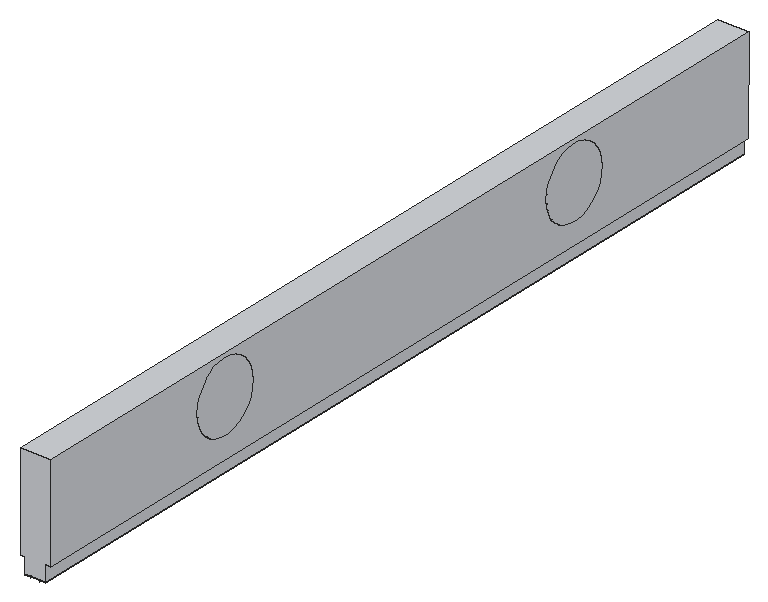
Revit family "MADEL_DIFFUSER_HIDDEN LINEAR_LOOK-SM+PLOK-SM (2.D1)_0", category Air Terminals, Revit 2015
Parameters (values of type "LOOK-SM+PLOK-SM 20x2000")
  n_factor = 27.054
  m_factor = 1.9026
  c_factor = 7.2288
  b_factor = -0.14546
  Vmin = 2.5 m/s  # constant formula
  Vmed = 3.5 m/s  # constant formula
  Vmax = 4.5 m/s  # constant formula
  V[m/s] [instance] = Q / Afree / 1.0 m/s  # 3.5
  URL = "http://www.madel.com/en/producto/look-hidden-linear-diffusers/"
  Standard = "UNE 23-727 M2/ NFP 92-501 M2/ DIN 4102 M2"  # constant formula
  Revit Version = "Revit 2015 - English"  # constant formula
  Review Date = "11/2016"  # constant formula
  RAL [instance] = ""
  R9010 [instance] = no
  R9005 [instance] = no
  R1 = D_Connector / 2  # 80.0 mm
  R [instance] = yes
  Q_Connector [instance] = Q / 2  # 170.1 m³/h
  Q [instance] = 340.2 m³/h
  Product Type [instance] = Model  # "LOOK-SM+PLOK-SM 20x2000"
  Product Size = "20x2000"
  Product Reference [instance] = if(and(AR, Nº Options = 1), "LOOK-SM-AR+PLOK-SM", if(and(ARD, Nº Options = 1), "LOOK-SM-ARD+PLOK-SM", if(and(INT, Nº Options = 1), "LOOK-SM-INT+PLOK-SM", if(and(ARI, Nº Options = 1), "LOOK-SM-ARI+PLOK-SM", if(and(AR, R, Nº Options = 2), "LOOK-SM-AR+PLOK-SM-R", if(and(ARD, R, Nº Options = 2), "LOOK-SM-ARD+PLOK-SM-R", if(and(INT, R, Nº Options = 2), "LOOK-SM-INT+PLOK-SM-R", if(and(ARI, R, Nº Options = 2), "LOOK-SM-ARI+PLOK-SM-R", if(and(AR, R, [(D)], Nº Options = 3), "LOOK-SM-AR+PLOK-SM-R (D)", if(and(ARD, R, [(D)], Nº Options = 3), "LOOK-SM-ARD+PLOK-SM-R (D)", if(and(INT, R, [(D)], Nº Options = 3), "LOOK-SM-INT+PLOK-SM-R (D)", if(and(ARI, R, [(D)], Nº Options = 3), "LOOK-SM-ARI+PLOK-SM-R (D)", if(and(AR, R, [(PM)], Nº Options = 3), "LOOK-SM-AR+PLOK-SM-R (PM)", if(and(ARD, R, [(PM)], Nº Options = 3), "LOOK-SM-ARD+PLOK-SM-R (PM)", if(and(INT, R, [(PM)], Nº Options = 3), "LOOK-SM-INT+PLOK-SM-R (PM)", if(and(ARI, R, [(PM)], Nº Options = 3), "LOOK-SM-ARI+PLOK-SM-R (PM)", if(and(AR, R, [(L)], Nº Options = 3), "LOOK-SM-AR+PLOK-SM-R (L)", if(and(ARD, R, [(L)], Nº Options = 3), "LOOK-SM-ARD+PLOK-SM-R (L)", if(and(INT, R, [(L)], Nº Options = 3), "LOOK-SM-INT+PLOK-SM-R (L)", if(and(ARI, R, [(L)], Nº Options = 3), "LOOK-SM-ARI+PLOK-SM-R (L)", if(and(AR, AIS, R, Nº Options = 3), "LOOK-SM-AR+PLOK-SM-AIS-R", if(and(ARD, AIS, R, Nº Options = 3), "LOOK-SM-ARD+PLOK-SM-AIS-R", if(and(INT, AIS, R, Nº Options = 3), "LOOK-SM-INT+PLOK-SM-AIS-R", if(and(ARI, AIS, R, Nº Options = 3), "LOOK-SM-ARI+PLOK-SM-AIS-R", if(and(AR, AIS, Nº Options = 2), "LOOK-SM-AR+PLOK-SM-AIS", if(and(ARD, AIS, Nº Options = 2), "LOOK-SM-ARD+PLOK-SM-AIS", if(and(INT, AIS, Nº Options = 2), "LOOK-SM-INT+PLOK-SM-AIS", if(and(ARI, AIS, Nº Options = 2), "LOOK-SM-ARI+PLOK-SM-AIS", if(and(AR, AIS, [(D)], Nº Options = 3), "LOOK-SM-AR+PLOK-SM-AIS (D)", if(and(ARD, AIS, [(D)], Nº Options = 3), "LOOK-SM-ARD+PLOK-SM-AIS (D)", if(and(INT, AIS, [(D)], Nº Options = 3), "LOOK-SM-INT+PLOK-SM-AIS (D)", if(and(ARI, AIS, [(D)], Nº Options = 3), "LOOK-SM-ARI+PLOK-SM-AIS (D)", if(and(AR, AIS, [(PM)], Nº Options = 3), "LOOK-SM-AR+PLOK-SM-AIS (PM)", if(and(ARD, AIS, [(PM)], Nº Options = 3), "LOOK-SM-ARD+PLOK-SM-AIS (PM)", if(and(INT, AIS, [(PM)], Nº Options = 3), "LOOK-SM-INT+PLOK-SM-AIS (PM)", if(and(ARI, AIS, [(PM)], Nº Options = 3), "LOOK-SM-ARI+PLOK-SM-AIS (PM)", if(and(AR, AIS, [(L)], Nº Options = 3), "LOOK-SM-AR+PLOK-SM-AIS (L)", if(and(ARD, AIS, [(L)], Nº Options = 3), "LOOK-SM-ARD+PLOK-SM-AIS (L)", if(and(INT, AIS, [(L)], Nº Options = 3), "LOOK-SM-INT+PLOK-SM-AIS (L)", if(and(ARI, AIS, [(L)], Nº Options = 3), "LOOK-SM-ARI+PLOK-SM-AIS (L)", if(and(AR, R, AIS, [(D)], Nº Options = 4), "LOOK-SM-AR+PLOK-SM-AIS-R (D)", if(and(ARD, R, AIS, [(D)], Nº Options = 4), "LOOK-SM-ARD+PLOK-SM-AIS-R (D)", if(and(INT, R, AIS, [(D)], Nº Options = 4), "LOOK-SM-INT+PLOK-SM-AIS-R (D)", if(and(ARI, R, AIS, [(D)], Nº Options = 4), "LOOK-SM-ARI+PLOK-SM-AIS-R (D)", if(and(AR, R, AIS, [(PM)], Nº Options = 4), "LOOK-SM-AR+PLOK-SM-AIS-R (PM)", if(and(ARD, R, AIS, [(PM)], Nº Options = 4), "LOOK-SM-ARD+PLOK-SM-AIS-R (PM)", if(and(INT, R, AIS, [(PM)], Nº Options = 4), "LOOK-SM-INT+PLOK-SM-AIS-R (PM)", if(and(ARI, R, AIS, [(PM)], Nº Options = 4), "LOOK-SM-ARI+PLOK-SM-AIS-R (PM)", if(and(AR, R, AIS, [(L)], Nº Options = 4), "LOOK-SM-AR+PLOK-SM-AIS-R (L)", if(and(ARD, R, AIS, [(L)], Nº Options = 4), "LOOK-SM-ARD+PLOK-SM-AIS-R (L)", if(and(INT, R, AIS, [(L)], Nº Options = 4), "LOOK-SM-INT+PLOK-SM-AIS-R (L)", if(and(ARI, R, AIS, [(L)], Nº Options = 4), "LOOK-SM-ARI+PLOK-SM-AIS-R (L)", if(and(AR, [(D)], Nº Options = 2), "LOOK-SM-AR+PLOK-SM (D)", if(and(ARD, [(D)], Nº Options = 2), "LOOK-SM-ARD+PLOK-SM (D)", if(and(INT, [(D)], Nº Options = 2), "LOOK-SM-INT+PLOK-SM (D)", if(and(ARI, [(D)], Nº Options = 2), "LOOK-SM-ARI+PLOK-SM (D)", if(and(AR, [(PM)], Nº Options = 2), "LOOK-SM-AR+PLOK-SM (PM)", if(and(ARD, [(PM)], Nº Options = 2), "LOOK-SM-ARD+PLOK-SM (PM)", if(and(INT, [(PM)], Nº Options = 2), "LOOK-SM-INT+PLOK-SM (PM)", if(and(ARI, [(PM)], Nº Options = 2), "LOOK-SM-ARI+PLOK-SM (PM)", if(and(AR, [(L)], Nº Options = 2), "LOOK-SM-AR+PLOK-SM (L)", if(and(ARD, [(L)], Nº Options = 2), "LOOK-SM-ARD+PLOK-SM (L)", if(and(INT, [(L)], Nº Options = 2), "LOOK-SM-INT+PLOK-SM (L)", if(and(ARI, [(L)], Nº Options = 2), "LOOK-SM-ARI+PLOK-SM (L)", if(Nº Options = 0, "Seleccionar accesorio/s", "Consult Manufacturer")))))))))))))))))))))))))))))))))))))))))))))))))))))))))))))))))  # "LOOK-SM-AR+PLOK-SM-AIS-R"
  Plenum Connection Type = "Lateral"  # constant formula
  PLOK [instance] = 1 = 1  # yes
  Nº Plenum Connections = 2  # constant formula
  Nº Options [instance] = if(AR, 1, 0) + if(ARD, 1, 0) + if(INT, 1, 0) + if(ARI, 1, 0) + if(R, 1, 0) + if(AIS, 1, 0) + if([(D)], 1, 0) + if([(PM)], 1, 0) + if([(L)], 1, 0)  # 3
  Nº Finishes [instance] = if(R9005, 1, 0) + if(R9010, 1, 0) + if(M9016, 1, 0)  # 1
  N = 69.0 mm
  Model = "LOOK-SM+PLOK-SM 20x2000"
  Material and finishes [instance] = if(and(R9005, Nº Finishes = 1), "R9005", if(and(R9010, Nº Finishes = 1), "R9010", if(and(M9016, Nº Finishes = 1), "M9016", if(Nº Finishes = 0, "Custom RAL", "Consult Manufacturer"))))  # "M9016"
  Material Plenum Box = none
  Material Difusser = MADEL_M9016
  Material Blades = MADEL_Negro Hueco
  M9016 [instance] = yes
  Lw (dB(A)) [instance] = n_factor * (log([V[m/s]]) / log(2.7183)) + c_factor  # 41.121
  L1 = L / 4  # 500.0 mm
  L = 2000.0 mm
  J = 14.3 mm
  Type Image = <None>
  IfcExportType = "IfcAirTerminalType"  # constant formula
  IfcExportAs = "IfcAirTerminalType"  # constant formula
  INT [instance] = no
  H = 256.0 mm
  G_material = 1.2 mm
  G1 = 22.0 mm
  G = 34.8 mm
  Min Flow = Vmin * Afree  # 243 m³/h
  Max Flow = Vmax * Afree  # 437.4 m³/h
  Manufacturer = "MADEL"  # constant formula
  Family Version = "2.0"  # constant formula
  Description = "MADEL_Hidden linear diffusers"  # constant formula
  D_Connector = D1 + 2.0 mm  # 160.0 mm
  DPt [instance] = (10 ^ (log([V[m/s]]) * m_factor + b_factor)) * 1.0 Pa  # 7.75651 Pa
  D1 = 158.0 mm
  Type Comments = "The LOOK hidden linear diffusers are designed to combine the aesthetics with the technical performance. They can be mounted in false ceilings hiding the frame with filler and leaving visible only the slot. They allow the formation of diffuser continuous lines, with active and inactive areas, without breaking the uniformity of the whole."  # constant formula
  Created by = "BIMETRICAL"  # constant formula
  C = 47.0 mm
  BIMETRICAL Category = "AirTerminal"  # constant formula
  BIMETRICAL = "http://www.bimetrical.com"  # constant formula
  B = 20.0 mm
  Afree_factor = 0.0135 m²
  Afree = Afree_factor * L / 1000.0 mm  # 0.0270 m²
  ARI [instance] = no
  ARD [instance] = no
  AR [instance] = if(or(ARD, ARI, INT), 1 = 0, 1 = 1)  # yes
  AIS [instance] = yes
  A = 55.0 mm
  (PM) [instance] = no
  (L) [instance] = no
  (D) [instance] = no
Types (4, lengths in mm): name | n_factor | m_factor | c_factor | b_factor | Q_Connector | Q | Product Type | Product Size | N | Model | Lw (dB(A)) | L1 | L | J | H | G1 | G | Min Flow | Max Flow | DPt | C | B | Afree_factor | Afree | A
  LOOK-SM+PLOK-SM 20x2000 | 27.054 | 1.9026 | 7.2288 | -0.14546 | 170.1 m³/h | 340.2 m³/h | "LOOK-SM+PLOK-SM 20x2000" | "20x2000" | 69.0 | "LOOK-SM+PLOK-SM 20x2000" | 41.121 | 500.0 | 2000.0 | 14.3 | 256.0 | 22.0 | 34.8 | 243 m³/h | 437.4 m³/h | 7.75651 Pa | 47.0 | 20.0 | 0.0135 m² | 0.0270 m² | 55.0
  LOOK-SM+PLOK-SM 30x2000 | 28.103 | 1.8538 | 4.5734 | 0.14092 | 250.74 m³/h | 501.48 m³/h | "LOOK-CM+PLOK-CM 30x2000" | "30x2000" | 98.0 | "LOOK-CM+PLOK-CM 30x2000" | 39.7798 | 500.0 | 2000.0 | 20.3 | 256.0 | 26.0 | 45.2 | 358.2 m³/h | 644.76 m³/h | 14.1097 Pa | 76.0 | 30.0 | 0.0199 m² | 0.0398 m² | 84.0
  LOOK-SM+PLOK-SM 40x1500 | 30.365 | 1.899 | 0.3225 | 0.36284 | 210.735 m³/h | 421.47 m³/h | "LOOK-CM+PLOK-CM 40x1500" | "40x1500" | 108.0 | "LOOK-CM+PLOK-CM 40x1500" | 38.3626 | 375.0 | 1500.0 | 20.3 | 296.0 | 26.0 | 45.2 | 301.05 m³/h | 541.89 m³/h | 24.8905 Pa | 86.0 | 40.0 | 0.0223 m² | 0.03345 m² | 94.0
  LOOK-SM+PLOK-SM 40x2000 | 30.365 | 1.899 | 0.3225 | 0.36284 | 280.98 m³/h | 561.96 m³/h | "LOOK-CM+PLOK-CM 40x2000" | "40x2000" | 108.0 | "LOOK-CM+PLOK-CM 40x2000" | 38.3626 | 500.0 | 2000.0 | 20.3 | 296.0 | 26.0 | 45.2 | 401.4 m³/h | 722.52 m³/h | 24.8905 Pa | 86.0 | 40.0 | 0.0223 m² | 0.0446 m² | 94.0
Reference planes
  plane 1 "Centro (Frontal/Posterior)": z = -1.2
  plane 2: y = 245
  plane 3 "Centro (Izquierda/Derecha)": x = 0
  plane 4: z = 0
  plane 5: z = 254.8
  plane 6: x = -34.5
  plane 7: x = 34.5
  plane 8: x = -20
  plane 9: x = 20
  plane 10: x = -23.5
  plane 11: x = 23.5
  plane 12: z = 20.8
  plane 13: z = 34.8
  plane 14: z = -3.4
  plane 15: x = -11.2
  plane 16: x = 11.2
  plane 17: y = -755
  plane 18: y = 1245
  plane 19: y = -255
  plane 20: y = 745
  plane 21: x = -20.5
  plane 22: x = 20.5
  plane 23: z = 35.1
  plane 24 "Linea simbolica 1": x = -10
  plane 25 "linea simbolica 2": x = 10
Forms (mm)
  Extrusion 1, solid, material "MADEL_M9016" <- "Material Difusser"
    sketch origin (0, 995, 5) x (1, 0, 0) y (0, 0, 1)
      loop
        line (-23.5, -6.2) -> (-11.2, -6.2) -> (-11.2, -8.4) -> (-10, -8.4) -> (-10, -5) -> (-23.5, -5) -> (-23.5, -6.2)
      loop
        line (23.5, -6.2) -> (23.5, -5) -> (10, -5) -> (10, -8.4) -> (11.2, -8.4) -> (11.2, -6.2) -> (23.5, -6.2)
    from -250 to 1750
  Extrusion 2, solid, material <- "Material Plenum Box"
    sketch origin (0, 995, 5) x (1, 0, 0) y (0, 0, 1)
      loop
        line (-34.5, 249.8) -> (-34.5, 30.1) -> (-23.5, 30.1) -> (-23.5, -5) -> (23.5, -5) -> (23.5, 30.1) -> (34.5, 30.1) -> (34.5, 249.8) -> (-34.5, 249.8)
    from -250 to 1750
  Extrusion 3, solid
    sketch origin (30.494, -21.859, 2) x (0, 1, 0) y (0, 0, 1)
      loop
        circle (-233.141, 162.8) r 80
      loop
        circle (766.859, 162.8) r 80
    from 4.006 to -0.994
  Extrusion 4, solid, material "MADEL_Negro Hueco" <- "Material Blades"
    sketch origin (0, 0, 0) x (1, 0, 0) y (0, 1, 0)
      loop
        line (-10, 1245) -> (-10, -755) -> (10, -755) -> (10, 1245) -> (-10, 1245)
    from -1.2 to 0
  Extrusion 5, solid, material "MADEL_M9016" <- "Material Difusser", not visible
    sketch origin (0, 245, 5) x (1, 0, 0) y (0, 0, 1)
      loop
        line (-23.5, -5) -> (23.5, -5) -> (23.5, 15.8) -> (20.5, 15.8) -> (20.5, 29.8) -> (-20.5, 29.8) -> (-20.5, 15.8) -> (-23.5, 15.8) -> (-23.5, -5)
    from -1000 to 1000
Lines and regions (mm)
  symbolic lines
    curve 1: line (-10, -755, 0) -> (-10, 1245, 0)
    curve 2: line (10, -755, 0) -> (10, 1245, 0)
    curve 3: line (34.5, 1245, 0) -> (-34.5, 1245, 0)
    curve 4: line (34.5, -755, 0) -> (34.5, 1245, 0)
    curve 5: line (-34.5, -755, 0) -> (34.5, -755, 0)
    curve 6: line (-34.5, 1245, 0) -> (-34.5, -755, 0)
Dimensions and locks
  Extrusion 1 sketch curve to Extrusion 1 sketch curve = 1.2 mm  (x2)
  plane 1 "Centro (Frontal/Posterior)" to plane 14 = 2.2 mm
  "G": plane 13 to level
  Extrusion 3 to Extrusion 2 = 0.0 mm
  equal spacing: plane 17, plane 2, plane 18
  "L": plane 17 to plane 18
  "L1": plane 17 to plane 19
  "L1": plane 20 to plane 18
  locked: Extrusion 3 to Extrusion 3 at 5
  equal spacing: plane 11, plane 3 "Centro (Izquierda/Derecha)", plane 10
  equal spacing: plane 9, plane 3 "Centro (Izquierda/Derecha)", plane 8
  "C": plane 11 to plane 10
  equal spacing: plane 7, plane 3 "Centro (Izquierda/Derecha)", plane 6
  "N": plane 7 to plane 6
  equal spacing: plane 22, plane 3 "Centro (Izquierda/Derecha)", plane 21
  locked: plane 21 to plane 10 at 3
  locked: plane 5 to Extrusion 3 sketch curve at 10  (x2)
  "B": plane 24 "Linea simbolica 1" to plane 25 "linea simbolica 2"
  "G_material": plane 15 to plane 24 "Linea simbolica 1"
  "G_material": plane 16 to plane 25 "linea simbolica 2"
  equal spacing: plane 24 "Linea simbolica 1", plane 3 "Centro (Izquierda/Derecha)", plane 25 "linea simbolica 2"
  "J": plane 23 to plane 12
  "G1": plane 12 to plane 1 "Centro (Frontal/Posterior)"
  "H": plane 5 to plane 1 "Centro (Frontal/Posterior)"
  "R1": radius of Extrusion 3 sketch curve  (x2)
  aligned and locked: Extrusion 2 to plane 6  (x2)
  aligned and locked: plane 7 to Extrusion 2  (x2)
  aligned and locked: Extrusion 2 to plane 5
  aligned and locked: plane 18 to Extrusion 2
  aligned and locked: Extrusion 2 to plane 17
  aligned and locked: plane 7 to Extrusion 3
  aligned and locked: plane 5 to Extrusion 2
  aligned and locked: plane 16 to Extrusion 1
  aligned and locked: Extrusion 1 to plane 17
  aligned and locked: plane 18 to Extrusion 1
  aligned and locked: plane 1 "Centro (Frontal/Posterior)" to Extrusion 1
  aligned and locked: Extrusion 2 to plane 23
  aligned and locked: curve 1 to plane 24 "Linea simbolica 1"
  aligned and locked: plane 25 "linea simbolica 2" to curve 2
  aligned and locked: Extrusion 1 to plane 24 "Linea simbolica 1"
  aligned and locked: Extrusion 1 to plane 25 "linea simbolica 2"
  aligned and locked: Extrusion 1 to plane 14  (x2)
  aligned and locked: Extrusion 1 to level
  aligned and locked: Extrusion 4 sketch curve to plane 18
  aligned and locked: Extrusion 4 sketch curve to Extrusion 1  (x2)
  aligned and locked: plane 17 to Extrusion 4 sketch curve
  aligned and locked: plane 1 "Centro (Frontal/Posterior)" to Extrusion 4
  aligned and locked: level to Extrusion 4
  aligned and locked: plane 23 to Extrusion 2 sketch curve  (x2)
  aligned and locked: plane 11 to Extrusion 2 sketch curve
  aligned and locked: Extrusion 2 sketch curve to plane 10
  aligned and locked: Extrusion 2 sketch curve to plane 4
  aligned and locked: plane 10 to Extrusion 5 sketch curve
  aligned and locked: Extrusion 5 sketch curve to plane 12
  aligned and locked: plane 12 to Extrusion 5 sketch curve
  aligned and locked: plane 11 to Extrusion 5 sketch curve
  aligned and locked: Extrusion 5 sketch curve to plane 13
  aligned and locked: Extrusion 5 sketch curve to plane 4
  aligned and locked: Extrusion 5 to plane 17
  aligned and locked: plane 18 to Extrusion 5
  aligned and locked: plane 18 to curve 3
  aligned and locked: curve 5 to plane 17
  aligned and locked: curve 6 to plane 6
Automatic sketch dimensions
  Extrusion 1 sketch curve to level = 3.4 mm  (x2)
  Extrusion 1 sketch curve to plane 11 = 0.0 mm
  Extrusion 1 sketch curve to plane 25 "linea simbolica 2" = 0.0 mm
  Extrusion 1 sketch curve to plane 1 "Centro (Frontal/Posterior)" = 0.0 mm  (x2)
  Extrusion 2 sketch curve to plane 5 = 0.0 mm
  Extrusion 2 sketch curve to plane 6 = 0.0 mm
  Extrusion 2 sketch curve to plane 7 = 0.0 mm
  plane 8 to Extrusion 1 sketch curve = 10.0 mm
  Extrusion 1 sketch curve to plane 10 = 0.0 mm
  Extrusion 1 sketch curve to level = 0.0 mm  (x2)
  Extrusion 5 sketch curve to plane 21 = 0.0 mm
  Extrusion 5 sketch curve to plane 22 = 0.0 mm
  curve 5 to plane 7 = 0.0 mm
  Extrusion 3 sketch curve to plane 19 = 0.0 mm
  Extrusion 3 sketch curve to plane 20 = 0.0 mm
Connectors
  hvac at (34.5, -255, 164.8), driven by "R1", driven by "DPt", driven by "Q_Connector"
    settings: on Extrusion 3, index 1, duct flow 170.1 m³/h, flow factor 0, pres drop 7.75651 Pa, loss coef 0, conn angle 0.00°, conn width 304.8 mm, conn height 304.8 mm, conn diameter 160 mm, duct sys type 1, conn prof type 0, flow config 1, flow direction 1, loss method 4, conn ref index -1, conn util no, is conn primary yes, conn desc ""
  hvac at (34.5, 745, 164.8), driven by "DPt", driven by "R1", driven by "Q_Connector"
    settings: on Extrusion 3, index 2, duct flow 170.1 m³/h, flow factor 0, pres drop 7.75651 Pa, loss coef 0, conn angle 0.00°, conn width 304.8 mm, conn height 304.8 mm, conn diameter 160 mm, duct sys type 1, conn prof type 0, flow config 1, flow direction 1, loss method 4, conn ref index -1, conn util no, is conn primary no, conn desc ""
